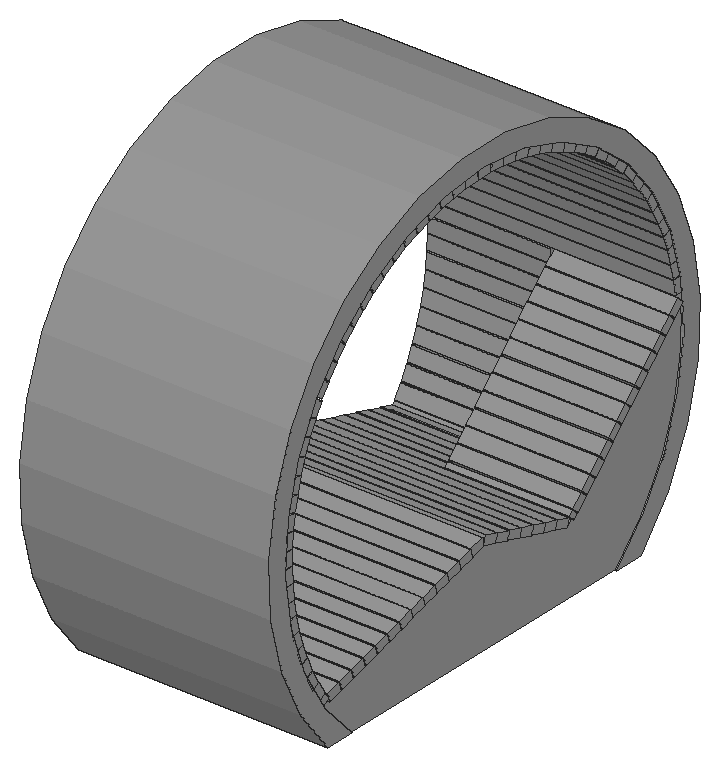
Revit family "Беседка «Калифорния» Арт 28364", category Антураж, Revit 2018
Family settings
  На основе рабочей плоскости = Нет
  Всегда вертикально = Да
  При загрузке вырезать с полостями = Нет
  Источник визуального образа = Геометрия семейства
  Общий = Нет
  Точка расчета площади = Нет
Parameters (values of type "Стандарт")
  Ширина = 1200 mm  # constant formula
  Цвет отделки = Дерево
  Цвет каркаса = Сталь
  Описание = "Беседка «Калифорния»"  # constant formula
  Материал изделия = "Сталь, дерево"  # constant formula
  Изображение типоразмера = Беседка «Калифорния» Арт 28364.jpg
  Изготовитель = "ООО «Хоббика»"  # constant formula
  Длина = 2600 mm  # constant formula
  Группа модели = "Навесы и беседки"  # constant formula
  Высота = 2194 mm  # constant formula
  Артикул товара = "Арт. 28364"  # constant formula
  URL = "https://hobbyka.ru/product/besedka_s_tortsevoy_podsvetkoy_kaliforniya/"
Reference planes
  plane 1 "По центру (Вперед/Назад)": y = 0
  plane 2: z = 0
  plane 3 "По центру (Влево/Вправо)": x = 0
  plane 4: x = 1200
  plane 5: y = 2600
  plane 6: z = 2194
Forms (mm)
  Extrusion 1, solid, material "Сталь" <- "Цвет каркаса"
    sketch origin (0, 0, 0) x (0, 1, 0) y (0, 0, 1)
      loop
        arc (2243.803, 0) -> (1300, 2194) -> (356.197, 0) r 1300
        line (356.197, 0) -> (499.523, 0)
        arc (499.523, 0) -> (1300, 2094) -> (2100.477, 0) r 1200
        line (2100.477, 0) -> (2243.803, 0)
    from 0 to 1200
  Extrusion 2, solid, material "Сталь" <- "Цвет каркаса"
    sketch origin (0, 0, 0) x (0, 1, 0) y (0, 0, 1)
      loop
        arc (2100.477, 0) -> (2188.24, 87.136) -> (2266.568, 182.841) r 1200
        line (2266.568, 182.841) -> (1300, 460) -> (779.334, 310.701) -> (103.568, 986.467)
        arc (103.568, 986.467) -> (186.361, 447) -> (499.523, 0) r 1200
        line (499.523, 0) -> (2100.477, 0)
    from 10 to 20
  Extrusion 3, solid, material "Сталь" <- "Цвет каркаса"
    sketch origin (1200, 2600, 0) x (0, -1, 0) y (0, 0, 1)
      loop
        arc (2100.477, 0) -> (2188.24, 87.136) -> (2266.568, 182.841) r 1200
        line (2266.568, 182.841) -> (1300, 460) -> (779.334, 310.701) -> (103.568, 986.467)
        arc (103.568, 986.467) -> (186.361, 447) -> (499.523, 0) r 1200
        line (499.523, 0) -> (2100.477, 0)
    from 10 to 20
  Extrusion 4, solid, material "Сталь" <- "Цвет каркаса"
    sketch origin (600, 0, 0) x (0, 1, 0) y (0, 0, -1)
      loop
        line (2100.477, 0) -> (499.523, 0)
        arc (499.523, 0) -> (186.361, -447) -> (103.568, -986.467) r 1200
        line (103.568, -986.467) -> (779.334, -310.701) -> (1300, -460) -> (2266.568, -182.841)
        arc (2266.568, -182.841) -> (2188.24, -87.136) -> (2100.477, 0) r 1200
    from 10 to 20
  Extrusion 5, solid, material "Сталь" <- "Цвет каркаса"
    sketch origin (600, 2600, 0) x (0, -1, 0) y (0, 0, -1)
      loop
        line (2100.477, 0) -> (499.523, 0)
        arc (499.523, 0) -> (186.361, -447) -> (103.568, -986.467) r 1200
        line (103.568, -986.467) -> (779.334, -310.701) -> (1300, -460) -> (2266.568, -182.841)
        arc (2266.568, -182.841) -> (2188.24, -87.136) -> (2100.477, 0) r 1200
    from 10 to 20
  Extrusion 6, solid, material "Дерево" <- "Цвет отделки"
    sketch origin (0, -4.431, -4.431) x (0, 1, 0) y (0, 0, 1)
      loop
        line (2447.83, 937.866) -> (2419.546, 966.15) -> (2370.049, 916.652) -> (2398.333, 888.368) -> (2447.83, 937.866)
    from 600 to 1200
  Extrusion 7, solid, material "Дерево" <- "Цвет отделки"
    sketch origin (0, -57.464, -57.464) x (0, 1, 0) y (0, 0, 1)
      loop
        line (2447.83, 937.866) -> (2419.546, 966.15) -> (2370.049, 916.652) -> (2398.333, 888.368) -> (2447.83, 937.866)
    from 600 to 1200
  Extrusion 8, solid, material "Дерево" <- "Цвет отделки"
    sketch origin (0, -110.497, -110.497) x (0, 1, 0) y (0, 0, 1)
      loop
        line (2447.83, 937.866) -> (2419.546, 966.15) -> (2370.049, 916.652) -> (2398.333, 888.368) -> (2447.83, 937.866)
    from 600 to 1200
  Extrusion 9, solid, material "Дерево" <- "Цвет отделки"
    sketch origin (0, -163.53, -163.53) x (0, 1, 0) y (0, 0, 1)
      loop
        line (2447.83, 937.866) -> (2419.546, 966.15) -> (2370.049, 916.652) -> (2398.333, 888.368) -> (2447.83, 937.866)
    from 600 to 1200
  Extrusion 10, solid, material "Дерево" <- "Цвет отделки"
    sketch origin (0, -216.563, -216.563) x (0, 1, 0) y (0, 0, 1)
      loop
        line (2447.83, 937.866) -> (2419.546, 966.15) -> (2370.049, 916.652) -> (2398.333, 888.368) -> (2447.83, 937.866)
    from 600 to 1200
  Extrusion 11, solid, material "Дерево" <- "Цвет отделки"
    sketch origin (0, -269.596, -269.596) x (0, 1, 0) y (0, 0, 1)
      loop
        line (2447.83, 937.866) -> (2419.546, 966.15) -> (2370.049, 916.652) -> (2398.333, 888.368) -> (2447.83, 937.866)
    from 600 to 1200
  Extrusion 12, solid, material "Дерево" <- "Цвет отделки"
    sketch origin (0, -322.629, -322.629) x (0, 1, 0) y (0, 0, 1)
      loop
        line (2447.83, 937.866) -> (2419.546, 966.15) -> (2370.049, 916.652) -> (2398.333, 888.368) -> (2447.83, 937.866)
    from 600 to 1200
  Extrusion 13, solid, material "Дерево" <- "Цвет отделки"
    sketch origin (0, -375.662, -375.662) x (0, 1, 0) y (0, 0, 1)
      loop
        line (2447.83, 937.866) -> (2419.546, 966.15) -> (2370.049, 916.652) -> (2398.333, 888.368) -> (2447.83, 937.866)
    from 600 to 1200
  Extrusion 14, solid, material "Дерево" <- "Цвет отделки"
    sketch origin (0, -428.695, -428.695) x (0, 1, 0) y (0, 0, 1)
      loop
        line (2447.83, 937.866) -> (2419.546, 966.15) -> (2370.049, 916.652) -> (2398.333, 888.368) -> (2447.83, 937.866)
    from 600 to 1200
  Extrusion 15, solid, material "Дерево" <- "Цвет отделки"
    sketch origin (0, -481.728, -481.728) x (0, 1, 0) y (0, 0, 1)
      loop
        line (2447.83, 937.866) -> (2419.546, 966.15) -> (2370.049, 916.652) -> (2398.333, 888.368) -> (2447.83, 937.866)
    from 600 to 1200
  Extrusion 16, solid, material "Дерево" <- "Цвет отделки"
    sketch origin (0, -534.761, -534.761) x (0, 1, 0) y (0, 0, 1)
      loop
        line (2447.83, 937.866) -> (2419.546, 966.15) -> (2370.049, 916.652) -> (2398.333, 888.368) -> (2447.83, 937.866)
    from 600 to 1200
  Extrusion 17, solid, material "Дерево" <- "Цвет отделки"
    sketch origin (0, -899.279, 257.864) x (0, 1, 0) y (0, 0, 1)
      loop
        line (2266.568, 182.841) -> (2277.593, 221.292) -> (2210.305, 240.586) -> (2199.279, 202.136) -> (2266.568, 182.841)
    from 0 to 1200
  Extrusion 18, solid, material "Дерево" <- "Цвет отделки"
    sketch origin (0, -827.185, 237.191) x (0, 1, 0) y (0, 0, 1)
      loop
        line (2266.568, 182.841) -> (2277.593, 221.292) -> (2210.305, 240.586) -> (2199.279, 202.136) -> (2266.568, 182.841)
    from 0 to 1200
  Extrusion 19, solid, material "Дерево" <- "Цвет отделки"
    sketch origin (0, -755.09, 216.519) x (0, 1, 0) y (0, 0, 1)
      loop
        line (2266.568, 182.841) -> (2277.593, 221.292) -> (2210.305, 240.586) -> (2199.279, 202.136) -> (2266.568, 182.841)
    from 0 to 1200
  Extrusion 20, solid, material "Дерево" <- "Цвет отделки"
    sketch origin (0, -682.996, 195.846) x (0, 1, 0) y (0, 0, 1)
      loop
        line (2266.568, 182.841) -> (2277.593, 221.292) -> (2210.305, 240.586) -> (2199.279, 202.136) -> (2266.568, 182.841)
    from 0 to 1200
  Extrusion 21, solid, material "Дерево" <- "Цвет отделки"
    sketch origin (0, -610.901, 175.173) x (0, 1, 0) y (0, 0, 1)
      loop
        line (2266.568, 182.841) -> (2277.593, 221.292) -> (2210.305, 240.586) -> (2199.279, 202.136) -> (2266.568, 182.841)
    from 0 to 1200
  Extrusion 22, solid, material "Дерево" <- "Цвет отделки"
    sketch origin (0, -538.806, 154.5) x (0, 1, 0) y (0, 0, 1)
      loop
        line (2266.568, 182.841) -> (2277.593, 221.292) -> (2210.305, 240.586) -> (2199.279, 202.136) -> (2266.568, 182.841)
    from 0 to 1200
  Extrusion 23, solid, material "Дерево" <- "Цвет отделки"
    sketch origin (0, -466.712, 133.827) x (0, 1, 0) y (0, 0, 1)
      loop
        line (2266.568, 182.841) -> (2277.593, 221.292) -> (2210.305, 240.586) -> (2199.279, 202.136) -> (2266.568, 182.841)
    from 0 to 1200
  Extrusion 24, solid, material "Дерево" <- "Цвет отделки"
    sketch origin (0, -394.617, 113.155) x (0, 1, 0) y (0, 0, 1)
      loop
        line (2266.568, 182.841) -> (2277.593, 221.292) -> (2210.305, 240.586) -> (2199.279, 202.136) -> (2266.568, 182.841)
    from 0 to 600
  Extrusion 25, solid, material "Дерево" <- "Цвет отделки"
    sketch origin (0, -322.522, 92.482) x (0, 1, 0) y (0, 0, 1)
      loop
        line (2266.568, 182.841) -> (2277.593, 221.292) -> (2210.305, 240.586) -> (2199.279, 202.136) -> (2266.568, 182.841)
    from 0 to 600
  Extrusion 26, solid, material "Дерево" <- "Цвет отделки"
    sketch origin (0, -250.428, 71.809) x (0, 1, 0) y (0, 0, 1)
      loop
        line (2266.568, 182.841) -> (2277.593, 221.292) -> (2210.305, 240.586) -> (2199.279, 202.136) -> (2266.568, 182.841)
    from 0 to 600
  Extrusion 27, solid, material "Дерево" <- "Цвет отделки"
    sketch origin (0, -178.333, 51.136) x (0, 1, 0) y (0, 0, 1)
      loop
        line (2266.568, 182.841) -> (2277.593, 221.292) -> (2210.305, 240.586) -> (2199.279, 202.136) -> (2266.568, 182.841)
    from 0 to 600
  Extrusion 28, solid, material "Дерево" <- "Цвет отделки"
    sketch origin (0, -106.238, 30.463) x (0, 1, 0) y (0, 0, 1)
      loop
        line (2266.568, 182.841) -> (2277.593, 221.292) -> (2210.305, 240.586) -> (2199.279, 202.136) -> (2266.568, 182.841)
    from 0 to 600
  Extrusion 29, solid, material "Дерево" <- "Цвет отделки"
    sketch origin (0, -34.144, 9.791) x (0, 1, 0) y (0, 0, 1)
      loop
        line (2266.568, 182.841) -> (2277.593, 221.292) -> (2210.305, 240.586) -> (2199.279, 202.136) -> (2266.568, 182.841)
    from 0 to 600
  Extrusion 30, solid, material "Дерево" <- "Цвет отделки"
    sketch origin (1200, 3499.279, 257.864) x (0, -1, 0) y (0, 0, 1)
      loop
        line (2266.568, 182.841) -> (2277.593, 221.292) -> (2210.305, 240.586) -> (2199.279, 202.136) -> (2266.568, 182.841)
    from 0 to 1200
  Extrusion 31, solid, material "Дерево" <- "Цвет отделки"
    sketch origin (1200, 3427.185, 237.191) x (0, -1, 0) y (0, 0, 1)
      loop
        line (2266.568, 182.841) -> (2277.593, 221.292) -> (2210.305, 240.586) -> (2199.279, 202.136) -> (2266.568, 182.841)
    from 0 to 1200
  Extrusion 32, solid, material "Дерево" <- "Цвет отделки"
    sketch origin (1200, 3355.09, 216.519) x (0, -1, 0) y (0, 0, 1)
      loop
        line (2266.568, 182.841) -> (2277.593, 221.292) -> (2210.305, 240.586) -> (2199.279, 202.136) -> (2266.568, 182.841)
    from 0 to 1200
  Extrusion 33, solid, material "Дерево" <- "Цвет отделки"
    sketch origin (1200, 3282.996, 195.846) x (0, -1, 0) y (0, 0, 1)
      loop
        line (2266.568, 182.841) -> (2277.593, 221.292) -> (2210.305, 240.586) -> (2199.279, 202.136) -> (2266.568, 182.841)
    from 0 to 1200
  Extrusion 34, solid, material "Дерево" <- "Цвет отделки"
    sketch origin (1200, 3210.901, 175.173) x (0, -1, 0) y (0, 0, 1)
      loop
        line (2266.568, 182.841) -> (2277.593, 221.292) -> (2210.305, 240.586) -> (2199.279, 202.136) -> (2266.568, 182.841)
    from 0 to 1200
  Extrusion 35, solid, material "Дерево" <- "Цвет отделки"
    sketch origin (1200, 3138.806, 154.5) x (0, -1, 0) y (0, 0, 1)
      loop
        line (2266.568, 182.841) -> (2277.593, 221.292) -> (2210.305, 240.586) -> (2199.279, 202.136) -> (2266.568, 182.841)
    from 0 to 1200
  Extrusion 36, solid, material "Дерево" <- "Цвет отделки"
    sketch origin (1200, 3066.712, 133.827) x (0, -1, 0) y (0, 0, 1)
      loop
        line (2266.568, 182.841) -> (2277.593, 221.292) -> (2210.305, 240.586) -> (2199.279, 202.136) -> (2266.568, 182.841)
    from 0 to 1200
  Extrusion 37, solid, material "Дерево" <- "Цвет отделки"
    sketch origin (1200, 2994.617, 113.155) x (0, -1, 0) y (0, 0, 1)
      loop
        line (2266.568, 182.841) -> (2277.593, 221.292) -> (2210.305, 240.586) -> (2199.279, 202.136) -> (2266.568, 182.841)
    from 0 to 600
  Extrusion 38, solid, material "Дерево" <- "Цвет отделки"
    sketch origin (1200, 2922.522, 92.482) x (0, -1, 0) y (0, 0, 1)
      loop
        line (2266.568, 182.841) -> (2277.593, 221.292) -> (2210.305, 240.586) -> (2199.279, 202.136) -> (2266.568, 182.841)
    from 0 to 600
  Extrusion 39, solid, material "Дерево" <- "Цвет отделки"
    sketch origin (1200, 2850.428, 71.809) x (0, -1, 0) y (0, 0, 1)
      loop
        line (2266.568, 182.841) -> (2277.593, 221.292) -> (2210.305, 240.586) -> (2199.279, 202.136) -> (2266.568, 182.841)
    from 0 to 600
  Extrusion 40, solid, material "Дерево" <- "Цвет отделки"
    sketch origin (1200, 2778.333, 51.136) x (0, -1, 0) y (0, 0, 1)
      loop
        line (2266.568, 182.841) -> (2277.593, 221.292) -> (2210.305, 240.586) -> (2199.279, 202.136) -> (2266.568, 182.841)
    from 0 to 600
  Extrusion 41, solid, material "Дерево" <- "Цвет отделки"
    sketch origin (1200, 2706.238, 30.463) x (0, -1, 0) y (0, 0, 1)
      loop
        line (2266.568, 182.841) -> (2277.593, 221.292) -> (2210.305, 240.586) -> (2199.279, 202.136) -> (2266.568, 182.841)
    from 0 to 600
  Extrusion 42, solid, material "Дерево" <- "Цвет отделки"
    sketch origin (1200, 2634.144, 9.791) x (0, -1, 0) y (0, 0, 1)
      loop
        line (2266.568, 182.841) -> (2277.593, 221.292) -> (2210.305, 240.586) -> (2199.279, 202.136) -> (2266.568, 182.841)
    from 0 to 600
  Extrusion 43, solid, material "Дерево" <- "Цвет отделки"
    sketch origin (0, 48.602, 48.602) x (0, 1, 0) y (0, 0, 1)
      loop
        line (2447.83, 937.866) -> (2419.546, 966.15) -> (2370.049, 916.652) -> (2398.333, 888.368) -> (2447.83, 937.866)
    from 600 to 1200
  Extrusion 44, solid, material "Дерево" <- "Цвет отделки"
    sketch origin (0, 0, 0) x (0, 1, 0) y (0, 0, 1)
      loop
        arc (1265, 2053.472) -> (1300, 2054) -> (1335, 2053.472) r 1160
        line (1335, 2053.472) -> (1335, 2093.489)
        arc (1335, 2093.489) -> (1300, 2094) -> (1265, 2093.489) r 1200
        line (1265, 2093.489) -> (1265, 2053.472)
    from 0 to 1200
  Extrusion 45, solid, material "Дерево" <- "Цвет отделки"
    sketch origin (0, -55.079, 85.919) x (0, 0.997908, -0.064652) y (0, 0.064652, 0.997908)
      loop
        arc (1265, 2053.472) -> (1300, 2054) -> (1335, 2053.472) r 1160
        line (1335, 2053.472) -> (1335, 2093.489)
        arc (1335, 2093.489) -> (1300, 2094) -> (1265, 2093.489) r 1200
        line (1265, 2093.489) -> (1265, 2053.472)
    from 0 to 1200
  Extrusion 46, solid, material "Дерево" <- "Цвет отделки"
    sketch origin (0, -104.489, 175.218) x (0, 0.99164, -0.129034) y (0, 0.129034, 0.99164)
      loop
        arc (1265, 2053.472) -> (1300, 2054) -> (1335, 2053.472) r 1160
        line (1335, 2053.472) -> (1335, 2093.489)
        arc (1335, 2093.489) -> (1300, 2094) -> (1265, 2093.489) r 1200
        line (1265, 2093.489) -> (1265, 2053.472)
    from 0 to 1200
  Extrusion 47, solid, material "Дерево" <- "Цвет отделки"
    sketch origin (0, -148.021, 267.526) x (0, 0.981223, -0.192876) y (0, 0.192876, 0.981223)
      loop
        arc (1265, 2053.472) -> (1300, 2054) -> (1335, 2053.472) r 1160
        line (1335, 2053.472) -> (1335, 2093.489)
        arc (1335, 2093.489) -> (1300, 2094) -> (1265, 2093.489) r 1200
        line (1265, 2093.489) -> (1265, 2053.472)
    from 0 to 1200
  Extrusion 48, solid, material "Дерево" <- "Цвет отделки"
    sketch origin (0, -185.495, 362.455) x (0, 0.9667, -0.255911) y (0, 0.255911, 0.9667)
      loop
        arc (1265, 2053.472) -> (1300, 2054) -> (1335, 2053.472) r 1160
        line (1335, 2053.472) -> (1335, 2093.489)
        arc (1335, 2093.489) -> (1300, 2094) -> (1265, 2093.489) r 1200
        line (1265, 2093.489) -> (1265, 2053.472)
    from 0 to 1200
  Extrusion 49, solid, material "Дерево" <- "Цвет отделки"
    sketch origin (0, -216.753, 459.608) x (0, 0.948132, -0.317875) y (0, 0.317875, 0.948132)
      loop
        arc (1265, 2053.472) -> (1300, 2054) -> (1335, 2053.472) r 1160
        line (1335, 2053.472) -> (1335, 2093.489)
        arc (1335, 2093.489) -> (1300, 2094) -> (1265, 2093.489) r 1200
        line (1265, 2093.489) -> (1265, 2053.472)
    from 0 to 1200
  Extrusion 50, solid, material "Дерево" <- "Цвет отделки"
    sketch origin (0, -241.664, 558.578) x (0, 0.925597, -0.378509) y (0, 0.378509, 0.925597)
      loop
        arc (1265, 2053.472) -> (1300, 2054) -> (1335, 2053.472) r 1160
        line (1335, 2053.472) -> (1335, 2093.489)
        arc (1335, 2093.489) -> (1300, 2094) -> (1265, 2093.489) r 1200
        line (1265, 2093.489) -> (1265, 2053.472)
    from 0 to 1200
  Extrusion 51, solid, material "Дерево" <- "Цвет отделки"
    sketch origin (0, -260.125, 658.952) x (0, 0.899189, -0.43756) y (0, 0.43756, 0.899189)
      loop
        arc (1265, 2053.472) -> (1300, 2054) -> (1335, 2053.472) r 1160
        line (1335, 2053.472) -> (1335, 2093.489)
        arc (1335, 2093.489) -> (1300, 2094) -> (1265, 2093.489) r 1200
        line (1265, 2093.489) -> (1265, 2053.472)
    from 0 to 1200
  Extrusion 52, solid, material "Дерево" <- "Цвет отделки"
    sketch origin (0, -272.057, 760.31) x (0, 0.869019, -0.494779) y (0, 0.494779, 0.869019)
      loop
        arc (1265, 2053.472) -> (1300, 2054) -> (1335, 2053.472) r 1160
        line (1335, 2053.472) -> (1335, 2093.489)
        arc (1335, 2093.489) -> (1300, 2094) -> (1265, 2093.489) r 1200
        line (1265, 2093.489) -> (1265, 2053.472)
    from 0 to 1200
  Extrusion 53, solid, material "Дерево" <- "Цвет отделки"
    sketch origin (0, -277.411, 862.227) x (0, 0.835212, -0.549928) y (0, 0.549928, 0.835212)
      loop
        arc (1265, 2053.472) -> (1300, 2054) -> (1335, 2053.472) r 1160
        line (1335, 2053.472) -> (1335, 2093.489)
        arc (1335, 2093.489) -> (1300, 2094) -> (1265, 2093.489) r 1200
        line (1265, 2093.489) -> (1265, 2053.472)
    from 0 to 1200
  Extrusion 54, solid, material "Дерево" <- "Цвет отделки"
    sketch origin (0, -276.165, 964.277) x (0, 0.79791, -0.602776) y (0, 0.602776, 0.79791)
      loop
        arc (1265, 2053.472) -> (1300, 2054) -> (1335, 2053.472) r 1160
        line (1335, 2053.472) -> (1335, 2093.489)
        arc (1335, 2093.489) -> (1300, 2094) -> (1265, 2093.489) r 1200
        line (1265, 2093.489) -> (1265, 2053.472)
    from 0 to 1200
  Extrusion 55, solid, material "Дерево" <- "Цвет отделки"
    sketch origin (0, -268.324, 1066.033) x (0, 0.75727, -0.653102) y (0, 0.653102, 0.75727)
      loop
        arc (1265, 2053.472) -> (1300, 2054) -> (1335, 2053.472) r 1160
        line (1335, 2053.472) -> (1335, 2093.489)
        arc (1335, 2093.489) -> (1300, 2094) -> (1265, 2093.489) r 1200
        line (1265, 2093.489) -> (1265, 2053.472)
    from 0 to 1200
  Extrusion 56, solid, material "Дерево" <- "Цвет отделки"
    sketch origin (0, -253.921, 1167.069) x (0, 0.713461, -0.700695) y (0, 0.700695, 0.713461)
      loop
        arc (1265, 2053.472) -> (1300, 2054) -> (1335, 2053.472) r 1160
        line (1335, 2053.472) -> (1335, 2093.489)
        arc (1335, 2093.489) -> (1300, 2094) -> (1265, 2093.489) r 1200
        line (1265, 2093.489) -> (1265, 2053.472)
    from 0 to 1200
  Extrusion 57, solid, material "Дерево" <- "Цвет отделки"
    sketch origin (0, -233.015, 1266.962) x (0, 0.666667, -0.745356) y (0, 0.745356, 0.666667)
      loop
        arc (1265, 2053.472) -> (1300, 2054) -> (1335, 2053.472) r 1160
        line (1335, 2053.472) -> (1335, 2093.489)
        arc (1335, 2093.489) -> (1300, 2094) -> (1265, 2093.489) r 1200
        line (1265, 2093.489) -> (1265, 2053.472)
    from 0 to 1200
  Extrusion 58, solid, material "Дерево" <- "Цвет отделки"
    sketch origin (0, -205.695, 1365.295) x (0, 0.617083, -0.786898) y (0, 0.786898, 0.617083)
      loop
        arc (1265, 2053.472) -> (1300, 2054) -> (1335, 2053.472) r 1160
        line (1335, 2053.472) -> (1335, 2093.489)
        arc (1335, 2093.489) -> (1300, 2094) -> (1265, 2093.489) r 1200
        line (1265, 2093.489) -> (1265, 2053.472)
    from 0 to 1200
  Extrusion 59, solid, material "Дерево" <- "Цвет отделки"
    sketch origin (0, -172.074, 1461.656) x (0, 0.564917, -0.825148) y (0, 0.825148, 0.564917)
      loop
        arc (1265, 2053.472) -> (1300, 2054) -> (1335, 2053.472) r 1160
        line (1335, 2053.472) -> (1335, 2093.489)
        arc (1335, 2093.489) -> (1300, 2094) -> (1265, 2093.489) r 1200
        line (1265, 2093.489) -> (1265, 2053.472)
    from 0 to 1200
  Extrusion 60, solid, material "Дерево" <- "Цвет отделки"
    sketch origin (0, -132.294, 1555.642) x (0, 0.510387, -0.859945) y (0, 0.859945, 0.510387)
      loop
        arc (1265, 2053.472) -> (1300, 2054) -> (1335, 2053.472) r 1160
        line (1335, 2053.472) -> (1335, 2093.489)
        arc (1335, 2093.489) -> (1300, 2094) -> (1265, 2093.489) r 1200
        line (1265, 2093.489) -> (1265, 2053.472)
    from 0 to 1200
  Extrusion 61, solid, material "Дерево" <- "Цвет отделки"
    sketch origin (0, -86.521, 1646.859) x (0, 0.453722, -0.891143) y (0, 0.891143, 0.453722)
      loop
        arc (1265, 2053.472) -> (1300, 2054) -> (1335, 2053.472) r 1160
        line (1335, 2053.472) -> (1335, 2093.489)
        arc (1335, 2093.489) -> (1300, 2094) -> (1265, 2093.489) r 1200
        line (1265, 2093.489) -> (1265, 2053.472)
    from 0 to 1200
  Extrusion 62, solid, material "Дерево" <- "Цвет отделки"
    sketch origin (0, -34.946, 1734.926) x (0, 0.395158, -0.918613) y (0, 0.918613, 0.395158)
      loop
        arc (1265, 2053.472) -> (1300, 2054) -> (1335, 2053.472) r 1160
        line (1335, 2053.472) -> (1335, 2093.489)
        arc (1335, 2093.489) -> (1300, 2094) -> (1265, 2093.489) r 1200
        line (1265, 2093.489) -> (1265, 2053.472)
    from 0 to 1200
  Extrusion 63, solid, material "Дерево" <- "Цвет отделки"
    sketch origin (0, 22.215, 1819.474) x (0, 0.334941, -0.942239) y (0, 0.942239, 0.334941)
      loop
        arc (1265, 2053.472) -> (1300, 2054) -> (1335, 2053.472) r 1160
        line (1335, 2053.472) -> (1335, 2093.489)
        arc (1335, 2093.489) -> (1300, 2094) -> (1265, 2093.489) r 1200
        line (1265, 2093.489) -> (1265, 2053.472)
    from 0 to 1200
  Extrusion 64, solid, material "Дерево" <- "Цвет отделки"
    sketch origin (0, 84.723, 1900.15) x (0, 0.273322, -0.961923) y (0, 0.961923, 0.273322)
      loop
        arc (1265, 2053.472) -> (1300, 2054) -> (1335, 2053.472) r 1160
        line (1335, 2053.472) -> (1335, 2093.489)
        arc (1335, 2093.489) -> (1300, 2094) -> (1265, 2093.489) r 1200
        line (1265, 2093.489) -> (1265, 2053.472)
    from 0 to 1200
  Extrusion 65, solid, material "Дерево" <- "Цвет отделки"
    sketch origin (0, 152.315, 1976.615) x (0, 0.21056, -0.977581) y (0, 0.977581, 0.21056)
      loop
        arc (1265, 2053.472) -> (1300, 2054) -> (1335, 2053.472) r 1160
        line (1335, 2053.472) -> (1335, 2093.489)
        arc (1335, 2093.489) -> (1300, 2094) -> (1265, 2093.489) r 1200
        line (1265, 2093.489) -> (1265, 2053.472)
    from 0 to 1200
  Extrusion 66, solid, material "Дерево" <- "Цвет отделки"
    sketch origin (0, 224.71, 2048.551) x (0, 0.146916, -0.989149) y (0, 0.989149, 0.146916)
      loop
        arc (1265, 2053.472) -> (1300, 2054) -> (1335, 2053.472) r 1160
        line (1335, 2053.472) -> (1335, 2093.489)
        arc (1335, 2093.489) -> (1300, 2094) -> (1265, 2093.489) r 1200
        line (1265, 2093.489) -> (1265, 2053.472)
    from 0 to 1200
  Extrusion 67, solid, material "Дерево" <- "Цвет отделки"
    sketch origin (0, 301.604, 2115.655) x (0, 0.082658, -0.996578) y (0, 0.996578, 0.082658)
      loop
        arc (1265, 2053.472) -> (1300, 2054) -> (1335, 2053.472) r 1160
        line (1335, 2053.472) -> (1335, 2093.489)
        arc (1335, 2093.489) -> (1300, 2094) -> (1265, 2093.489) r 1200
        line (1265, 2093.489) -> (1265, 2053.472)
    from 0 to 600
  Extrusion 68, solid, material "Дерево" <- "Цвет отделки"
    sketch origin (0, 382.676, 2177.648) x (0, 0.018054, -0.999837) y (0, 0.999837, 0.018054)
      loop
        arc (1265, 2053.472) -> (1300, 2054) -> (1335, 2053.472) r 1160
        line (1335, 2053.472) -> (1335, 2093.489)
        arc (1335, 2093.489) -> (1300, 2094) -> (1265, 2093.489) r 1200
        line (1265, 2093.489) -> (1265, 2053.472)
    from 0 to 600
  Extrusion 69, solid, material "Дерево" <- "Цвет отделки"
    sketch origin (0, 467.586, 2234.27) x (0, -0.046626, -0.998912) y (0, 0.998912, -0.046626)
      loop
        arc (1265, 2053.472) -> (1300, 2054) -> (1335, 2053.472) r 1160
        line (1335, 2053.472) -> (1335, 2093.489)
        arc (1335, 2093.489) -> (1300, 2094) -> (1265, 2093.489) r 1200
        line (1265, 2093.489) -> (1265, 2053.472)
    from 0 to 600
  Extrusion 70, solid, material "Дерево" <- "Цвет отделки"
    sketch origin (0, 555.98, 2285.283) x (0, -0.111111, -0.993808) y (0, 0.993808, -0.111111)
      loop
        arc (1265, 2053.472) -> (1300, 2054) -> (1335, 2053.472) r 1160
        line (1335, 2053.472) -> (1335, 2093.489)
        arc (1335, 2093.489) -> (1300, 2094) -> (1265, 2093.489) r 1200
        line (1265, 2093.489) -> (1265, 2053.472)
    from 0 to 600
  Extrusion 71, solid, material "Дерево" <- "Цвет отделки"
    sketch origin (0, 647.486, 2330.475) x (0, -0.17513, -0.984545) y (0, 0.984545, -0.17513)
      loop
        arc (1265, 2053.472) -> (1300, 2054) -> (1335, 2053.472) r 1160
        line (1335, 2053.472) -> (1335, 2093.489)
        arc (1335, 2093.489) -> (1300, 2094) -> (1265, 2093.489) r 1200
        line (1265, 2093.489) -> (1265, 2053.472)
    from 0 to 600
  Extrusion 72, solid, material "Дерево" <- "Цвет отделки"
    sketch origin (0, 741.723, 2369.657) x (0, -0.238417, -0.971163) y (0, 0.971163, -0.238417)
      loop
        arc (1265, 2053.472) -> (1300, 2054) -> (1335, 2053.472) r 1160
        line (1335, 2053.472) -> (1335, 2093.489)
        arc (1335, 2093.489) -> (1300, 2094) -> (1265, 2093.489) r 1200
        line (1265, 2093.489) -> (1265, 2053.472)
    from 0 to 600
  Extrusion 73, solid, material "Дерево" <- "Цвет отделки"
    sketch origin (0, 838.296, 2402.663) x (0, -0.300706, -0.953717) y (0, 0.953717, -0.300706)
      loop
        arc (1265, 2053.472) -> (1300, 2054) -> (1335, 2053.472) r 1160
        line (1335, 2053.472) -> (1335, 2093.489)
        arc (1335, 2093.489) -> (1300, 2094) -> (1265, 2093.489) r 1200
        line (1265, 2093.489) -> (1265, 2053.472)
    from 0 to 600
  Extrusion 74, solid, material "Дерево" <- "Цвет отделки"
    sketch origin (0, 936.8, 2429.357) x (0, -0.361737, -0.93228) y (0, 0.93228, -0.361737)
      loop
        arc (1265, 2053.472) -> (1300, 2054) -> (1335, 2053.472) r 1160
        line (1335, 2053.472) -> (1335, 2093.489)
        arc (1335, 2093.489) -> (1300, 2094) -> (1265, 2093.489) r 1200
        line (1265, 2093.489) -> (1265, 2053.472)
    from 0 to 600
  Extrusion 75, solid, material "Дерево" <- "Цвет отделки"
    sketch origin (0, 1036.825, 2449.627) x (0, -0.421255, -0.906942) y (0, 0.906942, -0.421255)
      loop
        arc (1265, 2053.472) -> (1300, 2054) -> (1335, 2053.472) r 1160
        line (1335, 2053.472) -> (1335, 2093.489)
        arc (1335, 2093.489) -> (1300, 2094) -> (1265, 2093.489) r 1200
        line (1265, 2093.489) -> (1265, 2053.472)
    from 0 to 600
  Extrusion 76, solid, material "Дерево" <- "Цвет отделки"
    sketch origin (0, 1137.951, 2463.387) x (0, -0.47901, -0.87781) y (0, 0.87781, -0.47901)
      loop
        arc (1265, 2053.472) -> (1300, 2054) -> (1335, 2053.472) r 1160
        line (1335, 2053.472) -> (1335, 2093.489)
        arc (1335, 2093.489) -> (1300, 2094) -> (1265, 2093.489) r 1200
        line (1265, 2093.489) -> (1265, 2053.472)
    from 0 to 600
  Extrusion 77, solid, material "Дерево" <- "Цвет отделки"
    sketch origin (0, 1239.754, 2470.581) x (0, -0.53476, -0.845004) y (0, 0.845004, -0.53476)
      loop
        arc (1265, 2053.472) -> (1300, 2054) -> (1335, 2053.472) r 1160
        line (1335, 2053.472) -> (1335, 2093.489)
        arc (1335, 2093.489) -> (1300, 2094) -> (1265, 2093.489) r 1200
        line (1265, 2093.489) -> (1265, 2053.472)
    from 0 to 600
  Extrusion 78, solid, material "Дерево" <- "Цвет отделки"
    sketch origin (0, 1341.81, 2471.177) x (0, -0.588273, -0.808663) y (0, 0.808663, -0.588273)
      loop
        arc (1265, 2053.472) -> (1282.498, 2053.868) -> (1300, 2054) r 1160
        line (1300, 2054) -> (1300, 2094)
        arc (1300, 2094) -> (1282.498, 2093.872) -> (1265, 2093.489) r 1200
        line (1265, 2093.489) -> (1265, 2053.472)
    from 0 to 600
  Extrusion 79, solid, material "Дерево" <- "Цвет отделки"
    sketch origin (0, -587.794, -587.794) x (0, 1, 0) y (0, 0, 1)
      loop
        line (2447.83, 937.866) -> (2419.546, 966.15) -> (2400.372, 946.976) -> (2428.657, 918.692) -> (2447.83, 937.866)
    from 600 to 1200
  Extrusion 80, solid, material "Сталь" <- "Цвет каркаса"
    sketch origin (0, 0, 0) x (0, 1, 0) y (0, 0, 1)
      loop
        arc (2100.477, 0) -> (2188.24, 87.136) -> (2266.568, 182.841) r 1200
        line (2266.568, 182.841) -> (1300, 460) -> (779.334, 310.701) -> (103.568, 986.467)
        arc (103.568, 986.467) -> (186.361, 447) -> (499.523, 0) r 1200
        line (499.523, 0) -> (2100.477, 0)
    from 10 to 20
  Extrusion 81, solid, material "Сталь" <- "Цвет каркаса"
    sketch origin (600, 0, 0) x (0, 1, 0) y (0, 0, -1)
      loop
        line (2100.477, 0) -> (499.523, 0)
        arc (499.523, 0) -> (186.361, -447) -> (103.568, -986.467) r 1200
        line (103.568, -986.467) -> (779.334, -310.701) -> (1300, -460) -> (2266.568, -182.841)
        arc (2266.568, -182.841) -> (2188.24, -87.136) -> (2100.477, 0) r 1200
    from 10 to 20
  Extrusion 82, solid, material "Дерево" <- "Цвет отделки"
    sketch origin (1200, 2604.431, -4.431) x (0, -1, 0) y (0, 0, 1)
      loop
        line (2447.83, 937.866) -> (2419.546, 966.15) -> (2370.049, 916.652) -> (2398.333, 888.368) -> (2447.83, 937.866)
    from 600 to 1200
  Extrusion 83, solid, material "Дерево" <- "Цвет отделки"
    sketch origin (1200, 2657.464, -57.464) x (0, -1, 0) y (0, 0, 1)
      loop
        line (2447.83, 937.866) -> (2419.546, 966.15) -> (2370.049, 916.652) -> (2398.333, 888.368) -> (2447.83, 937.866)
    from 600 to 1200
  Extrusion 84, solid, material "Дерево" <- "Цвет отделки"
    sketch origin (1200, 2710.497, -110.497) x (0, -1, 0) y (0, 0, 1)
      loop
        line (2447.83, 937.866) -> (2419.546, 966.15) -> (2370.049, 916.652) -> (2398.333, 888.368) -> (2447.83, 937.866)
    from 600 to 1200
  Extrusion 85, solid, material "Дерево" <- "Цвет отделки"
    sketch origin (1200, 2763.53, -163.53) x (0, -1, 0) y (0, 0, 1)
      loop
        line (2447.83, 937.866) -> (2419.546, 966.15) -> (2370.049, 916.652) -> (2398.333, 888.368) -> (2447.83, 937.866)
    from 600 to 1200
  Extrusion 86, solid, material "Дерево" <- "Цвет отделки"
    sketch origin (1200, 2816.563, -216.563) x (0, -1, 0) y (0, 0, 1)
      loop
        line (2447.83, 937.866) -> (2419.546, 966.15) -> (2370.049, 916.652) -> (2398.333, 888.368) -> (2447.83, 937.866)
    from 600 to 1200
  Extrusion 87, solid, material "Дерево" <- "Цвет отделки"
    sketch origin (1200, 2869.596, -269.596) x (0, -1, 0) y (0, 0, 1)
      loop
        line (2447.83, 937.866) -> (2419.546, 966.15) -> (2370.049, 916.652) -> (2398.333, 888.368) -> (2447.83, 937.866)
    from 600 to 1200
  Extrusion 88, solid, material "Дерево" <- "Цвет отделки"
    sketch origin (1200, 2922.629, -322.629) x (0, -1, 0) y (0, 0, 1)
      loop
        line (2447.83, 937.866) -> (2419.546, 966.15) -> (2370.049, 916.652) -> (2398.333, 888.368) -> (2447.83, 937.866)
    from 600 to 1200
  Extrusion 89, solid, material "Дерево" <- "Цвет отделки"
    sketch origin (1200, 2975.662, -375.662) x (0, -1, 0) y (0, 0, 1)
      loop
        line (2447.83, 937.866) -> (2419.546, 966.15) -> (2370.049, 916.652) -> (2398.333, 888.368) -> (2447.83, 937.866)
    from 600 to 1200
  Extrusion 90, solid, material "Дерево" <- "Цвет отделки"
    sketch origin (1200, 3028.695, -428.695) x (0, -1, 0) y (0, 0, 1)
      loop
        line (2447.83, 937.866) -> (2419.546, 966.15) -> (2370.049, 916.652) -> (2398.333, 888.368) -> (2447.83, 937.866)
    from 600 to 1200
  Extrusion 91, solid, material "Дерево" <- "Цвет отделки"
    sketch origin (1200, 3081.728, -481.728) x (0, -1, 0) y (0, 0, 1)
      loop
        line (2447.83, 937.866) -> (2419.546, 966.15) -> (2370.049, 916.652) -> (2398.333, 888.368) -> (2447.83, 937.866)
    from 600 to 1200
  Extrusion 92, solid, material "Дерево" <- "Цвет отделки"
    sketch origin (1200, 3134.761, -534.761) x (0, -1, 0) y (0, 0, 1)
      loop
        line (2447.83, 937.866) -> (2419.546, 966.15) -> (2370.049, 916.652) -> (2398.333, 888.368) -> (2447.83, 937.866)
    from 600 to 1200
  Extrusion 93, solid, material "Дерево" <- "Цвет отделки"
    sketch origin (1200, 2551.398, 48.602) x (0, -1, 0) y (0, 0, 1)
      loop
        line (2447.83, 937.866) -> (2419.546, 966.15) -> (2370.049, 916.652) -> (2398.333, 888.368) -> (2447.83, 937.866)
    from 600 to 1200
  Extrusion 94, solid, material "Дерево" <- "Цвет отделки"
    sketch origin (1200, 2600, 0) x (0, -1, 0) y (0, 0, 1)
      loop
        arc (1265, 2053.472) -> (1300, 2054) -> (1335, 2053.472) r 1160
        line (1335, 2053.472) -> (1335, 2093.489)
        arc (1335, 2093.489) -> (1300, 2094) -> (1265, 2093.489) r 1200
        line (1265, 2093.489) -> (1265, 2053.472)
    from 0 to 1200
  Extrusion 95, solid, material "Дерево" <- "Цвет отделки"
    sketch origin (1200, 2655.079, 85.919) x (0, -0.997908, -0.064652) y (0, -0.064652, 0.997908)
      loop
        arc (1265, 2053.472) -> (1300, 2054) -> (1335, 2053.472) r 1160
        line (1335, 2053.472) -> (1335, 2093.489)
        arc (1335, 2093.489) -> (1300, 2094) -> (1265, 2093.489) r 1200
        line (1265, 2093.489) -> (1265, 2053.472)
    from 0 to 1200
  Extrusion 96, solid, material "Дерево" <- "Цвет отделки"
    sketch origin (1200, 2704.489, 175.218) x (0, -0.99164, -0.129034) y (0, -0.129034, 0.99164)
      loop
        arc (1265, 2053.472) -> (1300, 2054) -> (1335, 2053.472) r 1160
        line (1335, 2053.472) -> (1335, 2093.489)
        arc (1335, 2093.489) -> (1300, 2094) -> (1265, 2093.489) r 1200
        line (1265, 2093.489) -> (1265, 2053.472)
    from 0 to 1200
  Extrusion 97, solid, material "Дерево" <- "Цвет отделки"
    sketch origin (1200, 2748.021, 267.526) x (0, -0.981223, -0.192876) y (0, -0.192876, 0.981223)
      loop
        arc (1265, 2053.472) -> (1300, 2054) -> (1335, 2053.472) r 1160
        line (1335, 2053.472) -> (1335, 2093.489)
        arc (1335, 2093.489) -> (1300, 2094) -> (1265, 2093.489) r 1200
        line (1265, 2093.489) -> (1265, 2053.472)
    from 0 to 1200
  Extrusion 98, solid, material "Дерево" <- "Цвет отделки"
    sketch origin (1200, 2785.495, 362.455) x (0, -0.9667, -0.255911) y (0, -0.255911, 0.9667)
      loop
        arc (1265, 2053.472) -> (1300, 2054) -> (1335, 2053.472) r 1160
        line (1335, 2053.472) -> (1335, 2093.489)
        arc (1335, 2093.489) -> (1300, 2094) -> (1265, 2093.489) r 1200
        line (1265, 2093.489) -> (1265, 2053.472)
    from 0 to 1200
  Extrusion 99, solid, material "Дерево" <- "Цвет отделки"
    sketch origin (1200, 2816.753, 459.608) x (0, -0.948132, -0.317875) y (0, -0.317875, 0.948132)
      loop
        arc (1265, 2053.472) -> (1300, 2054) -> (1335, 2053.472) r 1160
        line (1335, 2053.472) -> (1335, 2093.489)
        arc (1335, 2093.489) -> (1300, 2094) -> (1265, 2093.489) r 1200
        line (1265, 2093.489) -> (1265, 2053.472)
    from 0 to 1200
  Extrusion 100, solid, material "Дерево" <- "Цвет отделки"
    sketch origin (1200, 2841.664, 558.578) x (0, -0.925597, -0.378509) y (0, -0.378509, 0.925597)
      loop
        arc (1265, 2053.472) -> (1300, 2054) -> (1335, 2053.472) r 1160
        line (1335, 2053.472) -> (1335, 2093.489)
        arc (1335, 2093.489) -> (1300, 2094) -> (1265, 2093.489) r 1200
        line (1265, 2093.489) -> (1265, 2053.472)
    from 0 to 1200
  Extrusion 101, solid, material "Дерево" <- "Цвет отделки"
    sketch origin (1200, 2860.125, 658.952) x (0, -0.899189, -0.43756) y (0, -0.43756, 0.899189)
      loop
        arc (1265, 2053.472) -> (1300, 2054) -> (1335, 2053.472) r 1160
        line (1335, 2053.472) -> (1335, 2093.489)
        arc (1335, 2093.489) -> (1300, 2094) -> (1265, 2093.489) r 1200
        line (1265, 2093.489) -> (1265, 2053.472)
    from 0 to 1200
  Extrusion 102, solid, material "Дерево" <- "Цвет отделки"
    sketch origin (1200, 2872.057, 760.31) x (0, -0.869019, -0.494779) y (0, -0.494779, 0.869019)
      loop
        arc (1265, 2053.472) -> (1300, 2054) -> (1335, 2053.472) r 1160
        line (1335, 2053.472) -> (1335, 2093.489)
        arc (1335, 2093.489) -> (1300, 2094) -> (1265, 2093.489) r 1200
        line (1265, 2093.489) -> (1265, 2053.472)
    from 0 to 1200
  Extrusion 103, solid, material "Дерево" <- "Цвет отделки"
    sketch origin (1200, 2877.411, 862.227) x (0, -0.835212, -0.549928) y (0, -0.549928, 0.835212)
      loop
        arc (1265, 2053.472) -> (1300, 2054) -> (1335, 2053.472) r 1160
        line (1335, 2053.472) -> (1335, 2093.489)
        arc (1335, 2093.489) -> (1300, 2094) -> (1265, 2093.489) r 1200
        line (1265, 2093.489) -> (1265, 2053.472)
    from 0 to 1200
  Extrusion 104, solid, material "Дерево" <- "Цвет отделки"
    sketch origin (1200, 2876.165, 964.277) x (0, -0.79791, -0.602776) y (0, -0.602776, 0.79791)
      loop
        arc (1265, 2053.472) -> (1300, 2054) -> (1335, 2053.472) r 1160
        line (1335, 2053.472) -> (1335, 2093.489)
        arc (1335, 2093.489) -> (1300, 2094) -> (1265, 2093.489) r 1200
        line (1265, 2093.489) -> (1265, 2053.472)
    from 0 to 1200
  Extrusion 105, solid, material "Дерево" <- "Цвет отделки"
    sketch origin (1200, 2868.324, 1066.033) x (0, -0.75727, -0.653102) y (0, -0.653102, 0.75727)
      loop
        arc (1265, 2053.472) -> (1300, 2054) -> (1335, 2053.472) r 1160
        line (1335, 2053.472) -> (1335, 2093.489)
        arc (1335, 2093.489) -> (1300, 2094) -> (1265, 2093.489) r 1200
        line (1265, 2093.489) -> (1265, 2053.472)
    from 0 to 1200
  Extrusion 106, solid, material "Дерево" <- "Цвет отделки"
    sketch origin (1200, 2853.921, 1167.069) x (0, -0.713461, -0.700695) y (0, -0.700695, 0.713461)
      loop
        arc (1265, 2053.472) -> (1300, 2054) -> (1335, 2053.472) r 1160
        line (1335, 2053.472) -> (1335, 2093.489)
        arc (1335, 2093.489) -> (1300, 2094) -> (1265, 2093.489) r 1200
        line (1265, 2093.489) -> (1265, 2053.472)
    from 0 to 1200
  Extrusion 107, solid, material "Дерево" <- "Цвет отделки"
    sketch origin (1200, 2833.015, 1266.962) x (0, -0.666667, -0.745356) y (0, -0.745356, 0.666667)
      loop
        arc (1265, 2053.472) -> (1300, 2054) -> (1335, 2053.472) r 1160
        line (1335, 2053.472) -> (1335, 2093.489)
        arc (1335, 2093.489) -> (1300, 2094) -> (1265, 2093.489) r 1200
        line (1265, 2093.489) -> (1265, 2053.472)
    from 0 to 1200
  Extrusion 108, solid, material "Дерево" <- "Цвет отделки"
    sketch origin (1200, 2805.695, 1365.295) x (0, -0.617083, -0.786898) y (0, -0.786898, 0.617083)
      loop
        arc (1265, 2053.472) -> (1300, 2054) -> (1335, 2053.472) r 1160
        line (1335, 2053.472) -> (1335, 2093.489)
        arc (1335, 2093.489) -> (1300, 2094) -> (1265, 2093.489) r 1200
        line (1265, 2093.489) -> (1265, 2053.472)
    from 0 to 1200
  Extrusion 109, solid, material "Дерево" <- "Цвет отделки"
    sketch origin (1200, 2772.074, 1461.656) x (0, -0.564917, -0.825148) y (0, -0.825148, 0.564917)
      loop
        arc (1265, 2053.472) -> (1300, 2054) -> (1335, 2053.472) r 1160
        line (1335, 2053.472) -> (1335, 2093.489)
        arc (1335, 2093.489) -> (1300, 2094) -> (1265, 2093.489) r 1200
        line (1265, 2093.489) -> (1265, 2053.472)
    from 0 to 1200
  Extrusion 110, solid, material "Дерево" <- "Цвет отделки"
    sketch origin (1200, 2732.294, 1555.642) x (0, -0.510387, -0.859945) y (0, -0.859945, 0.510387)
      loop
        arc (1265, 2053.472) -> (1300, 2054) -> (1335, 2053.472) r 1160
        line (1335, 2053.472) -> (1335, 2093.489)
        arc (1335, 2093.489) -> (1300, 2094) -> (1265, 2093.489) r 1200
        line (1265, 2093.489) -> (1265, 2053.472)
    from 0 to 1200
  Extrusion 111, solid, material "Дерево" <- "Цвет отделки"
    sketch origin (1200, 2686.521, 1646.859) x (0, -0.453722, -0.891143) y (0, -0.891143, 0.453722)
      loop
        arc (1265, 2053.472) -> (1300, 2054) -> (1335, 2053.472) r 1160
        line (1335, 2053.472) -> (1335, 2093.489)
        arc (1335, 2093.489) -> (1300, 2094) -> (1265, 2093.489) r 1200
        line (1265, 2093.489) -> (1265, 2053.472)
    from 0 to 1200
  Extrusion 112, solid, material "Дерево" <- "Цвет отделки"
    sketch origin (1200, 2634.946, 1734.926) x (0, -0.395158, -0.918613) y (0, -0.918613, 0.395158)
      loop
        arc (1265, 2053.472) -> (1300, 2054) -> (1335, 2053.472) r 1160
        line (1335, 2053.472) -> (1335, 2093.489)
        arc (1335, 2093.489) -> (1300, 2094) -> (1265, 2093.489) r 1200
        line (1265, 2093.489) -> (1265, 2053.472)
    from 0 to 1200
  Extrusion 113, solid, material "Дерево" <- "Цвет отделки"
    sketch origin (1200, 2577.785, 1819.474) x (0, -0.334941, -0.942239) y (0, -0.942239, 0.334941)
      loop
        arc (1265, 2053.472) -> (1300, 2054) -> (1335, 2053.472) r 1160
        line (1335, 2053.472) -> (1335, 2093.489)
        arc (1335, 2093.489) -> (1300, 2094) -> (1265, 2093.489) r 1200
        line (1265, 2093.489) -> (1265, 2053.472)
    from 0 to 1200
  Extrusion 114, solid, material "Дерево" <- "Цвет отделки"
    sketch origin (1200, 2515.277, 1900.15) x (0, -0.273322, -0.961923) y (0, -0.961923, 0.273322)
      loop
        arc (1265, 2053.472) -> (1300, 2054) -> (1335, 2053.472) r 1160
        line (1335, 2053.472) -> (1335, 2093.489)
        arc (1335, 2093.489) -> (1300, 2094) -> (1265, 2093.489) r 1200
        line (1265, 2093.489) -> (1265, 2053.472)
    from 0 to 1200
  Extrusion 115, solid, material "Дерево" <- "Цвет отделки"
    sketch origin (1200, 2447.685, 1976.615) x (0, -0.21056, -0.977581) y (0, -0.977581, 0.21056)
      loop
        arc (1265, 2053.472) -> (1300, 2054) -> (1335, 2053.472) r 1160
        line (1335, 2053.472) -> (1335, 2093.489)
        arc (1335, 2093.489) -> (1300, 2094) -> (1265, 2093.489) r 1200
        line (1265, 2093.489) -> (1265, 2053.472)
    from 0 to 1200
  Extrusion 116, solid, material "Дерево" <- "Цвет отделки"
    sketch origin (1200, 2375.29, 2048.551) x (0, -0.146916, -0.989149) y (0, -0.989149, 0.146916)
      loop
        arc (1265, 2053.472) -> (1300, 2054) -> (1335, 2053.472) r 1160
        line (1335, 2053.472) -> (1335, 2093.489)
        arc (1335, 2093.489) -> (1300, 2094) -> (1265, 2093.489) r 1200
        line (1265, 2093.489) -> (1265, 2053.472)
    from 0 to 1200
  Extrusion 117, solid, material "Дерево" <- "Цвет отделки"
    sketch origin (1200, 2298.396, 2115.655) x (0, -0.082658, -0.996578) y (0, -0.996578, 0.082658)
      loop
        arc (1265, 2053.472) -> (1300, 2054) -> (1335, 2053.472) r 1160
        line (1335, 2053.472) -> (1335, 2093.489)
        arc (1335, 2093.489) -> (1300, 2094) -> (1265, 2093.489) r 1200
        line (1265, 2093.489) -> (1265, 2053.472)
    from 0 to 600
  Extrusion 118, solid, material "Дерево" <- "Цвет отделки"
    sketch origin (1200, 2217.324, 2177.648) x (0, -0.018054, -0.999837) y (0, -0.999837, 0.018054)
      loop
        arc (1265, 2053.472) -> (1300, 2054) -> (1335, 2053.472) r 1160
        line (1335, 2053.472) -> (1335, 2093.489)
        arc (1335, 2093.489) -> (1300, 2094) -> (1265, 2093.489) r 1200
        line (1265, 2093.489) -> (1265, 2053.472)
    from 0 to 600
  Extrusion 119, solid, material "Дерево" <- "Цвет отделки"
    sketch origin (1200, 2132.414, 2234.27) x (0, 0.046626, -0.998912) y (0, -0.998912, -0.046626)
      loop
        arc (1265, 2053.472) -> (1300, 2054) -> (1335, 2053.472) r 1160
        line (1335, 2053.472) -> (1335, 2093.489)
        arc (1335, 2093.489) -> (1300, 2094) -> (1265, 2093.489) r 1200
        line (1265, 2093.489) -> (1265, 2053.472)
    from 0 to 600
  Extrusion 120, solid, material "Дерево" <- "Цвет отделки"
    sketch origin (1200, 2044.02, 2285.283) x (0, 0.111111, -0.993808) y (0, -0.993808, -0.111111)
      loop
        arc (1265, 2053.472) -> (1300, 2054) -> (1335, 2053.472) r 1160
        line (1335, 2053.472) -> (1335, 2093.489)
        arc (1335, 2093.489) -> (1300, 2094) -> (1265, 2093.489) r 1200
        line (1265, 2093.489) -> (1265, 2053.472)
    from 0 to 600
  Extrusion 121, solid, material "Дерево" <- "Цвет отделки"
    sketch origin (1200, 1952.514, 2330.475) x (0, 0.17513, -0.984545) y (0, -0.984545, -0.17513)
      loop
        arc (1265, 2053.472) -> (1300, 2054) -> (1335, 2053.472) r 1160
        line (1335, 2053.472) -> (1335, 2093.489)
        arc (1335, 2093.489) -> (1300, 2094) -> (1265, 2093.489) r 1200
        line (1265, 2093.489) -> (1265, 2053.472)
    from 0 to 600
  Extrusion 122, solid, material "Дерево" <- "Цвет отделки"
    sketch origin (1200, 1858.277, 2369.657) x (0, 0.238417, -0.971163) y (0, -0.971163, -0.238417)
      loop
        arc (1265, 2053.472) -> (1300, 2054) -> (1335, 2053.472) r 1160
        line (1335, 2053.472) -> (1335, 2093.489)
        arc (1335, 2093.489) -> (1300, 2094) -> (1265, 2093.489) r 1200
        line (1265, 2093.489) -> (1265, 2053.472)
    from 0 to 600
  Extrusion 123, solid, material "Дерево" <- "Цвет отделки"
    sketch origin (1200, 1761.704, 2402.663) x (0, 0.300706, -0.953717) y (0, -0.953717, -0.300706)
      loop
        arc (1265, 2053.472) -> (1300, 2054) -> (1335, 2053.472) r 1160
        line (1335, 2053.472) -> (1335, 2093.489)
        arc (1335, 2093.489) -> (1300, 2094) -> (1265, 2093.489) r 1200
        line (1265, 2093.489) -> (1265, 2053.472)
    from 0 to 600
  Extrusion 124, solid, material "Дерево" <- "Цвет отделки"
    sketch origin (1200, 1663.2, 2429.357) x (0, 0.361737, -0.93228) y (0, -0.93228, -0.361737)
      loop
        arc (1265, 2053.472) -> (1300, 2054) -> (1335, 2053.472) r 1160
        line (1335, 2053.472) -> (1335, 2093.489)
        arc (1335, 2093.489) -> (1300, 2094) -> (1265, 2093.489) r 1200
        line (1265, 2093.489) -> (1265, 2053.472)
    from 0 to 600
  Extrusion 125, solid, material "Дерево" <- "Цвет отделки"
    sketch origin (1200, 1563.175, 2449.627) x (0, 0.421255, -0.906942) y (0, -0.906942, -0.421255)
      loop
        arc (1265, 2053.472) -> (1300, 2054) -> (1335, 2053.472) r 1160
        line (1335, 2053.472) -> (1335, 2093.489)
        arc (1335, 2093.489) -> (1300, 2094) -> (1265, 2093.489) r 1200
        line (1265, 2093.489) -> (1265, 2053.472)
    from 0 to 600
  Extrusion 126, solid, material "Дерево" <- "Цвет отделки"
    sketch origin (1200, 1462.049, 2463.387) x (0, 0.47901, -0.87781) y (0, -0.87781, -0.47901)
      loop
        arc (1265, 2053.472) -> (1300, 2054) -> (1335, 2053.472) r 1160
        line (1335, 2053.472) -> (1335, 2093.489)
        arc (1335, 2093.489) -> (1300, 2094) -> (1265, 2093.489) r 1200
        line (1265, 2093.489) -> (1265, 2053.472)
    from 0 to 600
  Extrusion 127, solid, material "Дерево" <- "Цвет отделки"
    sketch origin (1200, 1360.246, 2470.581) x (0, 0.53476, -0.845004) y (0, -0.845004, -0.53476)
      loop
        arc (1265, 2053.472) -> (1300, 2054) -> (1335, 2053.472) r 1160
        line (1335, 2053.472) -> (1335, 2093.489)
        arc (1335, 2093.489) -> (1300, 2094) -> (1265, 2093.489) r 1200
        line (1265, 2093.489) -> (1265, 2053.472)
    from 0 to 600
  Extrusion 128, solid, material "Дерево" <- "Цвет отделки"
    sketch origin (1200, 1258.19, 2471.177) x (0, 0.588273, -0.808663) y (0, -0.808663, -0.588273)
      loop
        arc (1265, 2053.472) -> (1282.498, 2053.868) -> (1300, 2054) r 1160
        line (1300, 2054) -> (1300, 2094)
        arc (1300, 2094) -> (1282.498, 2093.872) -> (1265, 2093.489) r 1200
        line (1265, 2093.489) -> (1265, 2053.472)
    from 0 to 600
  Extrusion 129, solid, material "Дерево" <- "Цвет отделки"
    sketch origin (1200, 3187.794, -587.794) x (0, -1, 0) y (0, 0, 1)
      loop
        line (2447.83, 937.866) -> (2419.546, 966.15) -> (2400.372, 946.976) -> (2428.657, 918.692) -> (2447.83, 937.866)
    from 600 to 1200
Dimensions and locks
  "Длина": plane 5 to plane 1 "По центру (Вперед/Назад)"
  "Ширина": plane 3 "По центру (Влево/Вправо)" to plane 4
  "Высота": plane 6 to level
  aligned and locked: level to plane 2
  aligned and locked: plane 4 to Extrusion 1
Automatic sketch dimensions
  Extrusion 1 sketch curve to Extrusion 1 sketch curve = 0 mm  (x2)
  Extrusion 1 sketch curve to level = 0 mm
  level to Extrusion 1 sketch curve = 0 mm
  Extrusion 1 sketch curve to plane 1 "По центру (Вперед/Назад)" = 356.197 mm
  Extrusion 1 sketch curve to Extrusion 1 sketch curve = 143.326 mm
  level to Extrusion 1 sketch curve = 894 mm
  Extrusion 1 sketch curve to Extrusion 1 sketch curve = 800.477 mm
  Extrusion 2 sketch curve to Extrusion 2 sketch curve = 0 mm  (x3)
  Extrusion 2 sketch curve to level = 0 mm
  Extrusion 2 sketch curve to plane 1 "По центру (Вперед/Назад)" = 103.568 mm
  Extrusion 2 sketch curve to plane 1 "По центру (Вперед/Назад)" = 499.523 mm
  level to Extrusion 2 sketch curve = 310.701 mm
  Extrusion 2 sketch curve to Extrusion 2 sketch curve = 279.811 mm
  Extrusion 2 sketch curve to Extrusion 2 sketch curve = 520.666 mm
  level to Extrusion 2 sketch curve = 460 mm
  Extrusion 2 sketch curve to plane 5 = 499.523 mm
  level to Extrusion 2 sketch curve = 182.841 mm
  Extrusion 2 sketch curve to Extrusion 2 sketch curve = 166.09 mm
  Extrusion 3 sketch curve to Extrusion 3 sketch curve = 0 mm  (x3)
  Extrusion 3 sketch curve to level = 0 mm
  Extrusion 3 sketch curve to plane 5 = 103.568 mm
  Extrusion 3 sketch curve to plane 5 = 499.523 mm
  level to Extrusion 3 sketch curve = 310.701 mm
  Extrusion 3 sketch curve to Extrusion 3 sketch curve = 279.811 mm
  Extrusion 3 sketch curve to Extrusion 3 sketch curve = 520.666 mm
  level to Extrusion 3 sketch curve = 460 mm
  Extrusion 3 sketch curve to plane 1 "По центру (Вперед/Назад)" = 499.523 mm
  level to Extrusion 3 sketch curve = 182.841 mm
  Extrusion 3 sketch curve to Extrusion 3 sketch curve = 166.09 mm
  Extrusion 4 sketch curve to Extrusion 4 sketch curve = 0 mm  (x3)
  Extrusion 4 sketch curve to level = 0 mm
  Extrusion 4 sketch curve to plane 1 "По центру (Вперед/Назад)" = 103.568 mm
  Extrusion 4 sketch curve to plane 1 "По центру (Вперед/Назад)" = 499.523 mm
  level to Extrusion 4 sketch curve = 310.701 mm
  Extrusion 4 sketch curve to Extrusion 4 sketch curve = 279.811 mm
  Extrusion 4 sketch curve to Extrusion 4 sketch curve = 520.666 mm
  level to Extrusion 4 sketch curve = 460 mm
  Extrusion 4 sketch curve to plane 5 = 499.523 mm
  level to Extrusion 4 sketch curve = 182.841 mm
  Extrusion 4 sketch curve to Extrusion 4 sketch curve = 166.09 mm
  Extrusion 5 sketch curve to Extrusion 5 sketch curve = 0 mm  (x3)
  level to Extrusion 5 sketch curve = 0 mm
  Extrusion 5 sketch curve to plane 5 = 103.568 mm
  Extrusion 5 sketch curve to plane 5 = 499.523 mm
  level to Extrusion 5 sketch curve = 310.701 mm
  Extrusion 5 sketch curve to Extrusion 5 sketch curve = 279.811 mm
  Extrusion 5 sketch curve to Extrusion 5 sketch curve = 520.666 mm
  level to Extrusion 5 sketch curve = 460 mm
  Extrusion 5 sketch curve to plane 1 "По центру (Вперед/Назад)" = 499.523 mm
  level to Extrusion 5 sketch curve = 182.841 mm
  Extrusion 5 sketch curve to Extrusion 5 sketch curve = 166.09 mm
  Extrusion 6 sketch curve to plane 5 = 234.383 mm
  Extrusion 6 sketch curve to Extrusion 6 sketch curve = 28.284 mm  (x2)
  Extrusion 6 sketch curve to Extrusion 6 sketch curve = 49.497 mm
  level to Extrusion 6 sketch curve = 883.937 mm
  Extrusion 7 sketch curve to plane 5 = 287.416 mm
  Extrusion 7 sketch curve to Extrusion 7 sketch curve = 28.284 mm  (x2)
  Extrusion 7 sketch curve to Extrusion 7 sketch curve = 49.497 mm
  level to Extrusion 7 sketch curve = 830.904 mm
  Extrusion 8 sketch curve to plane 5 = 340.449 mm
  Extrusion 8 sketch curve to Extrusion 8 sketch curve = 28.284 mm  (x2)
  Extrusion 8 sketch curve to Extrusion 8 sketch curve = 49.497 mm
  level to Extrusion 8 sketch curve = 777.871 mm
  Extrusion 9 sketch curve to plane 5 = 393.482 mm
  Extrusion 9 sketch curve to Extrusion 9 sketch curve = 28.284 mm  (x2)
  Extrusion 9 sketch curve to Extrusion 9 sketch curve = 49.497 mm
  level to Extrusion 9 sketch curve = 724.838 mm
  Extrusion 10 sketch curve to plane 5 = 446.515 mm
  Extrusion 10 sketch curve to Extrusion 10 sketch curve = 28.284 mm  (x2)
  Extrusion 10 sketch curve to Extrusion 10 sketch curve = 49.497 mm
  level to Extrusion 10 sketch curve = 671.805 mm
  Extrusion 11 sketch curve to plane 5 = 499.548 mm
  Extrusion 11 sketch curve to Extrusion 11 sketch curve = 28.284 mm  (x2)
  Extrusion 11 sketch curve to Extrusion 11 sketch curve = 49.497 mm
  level to Extrusion 11 sketch curve = 618.772 mm
  Extrusion 12 sketch curve to plane 5 = 552.581 mm
  Extrusion 12 sketch curve to Extrusion 12 sketch curve = 28.284 mm  (x2)
  Extrusion 12 sketch curve to Extrusion 12 sketch curve = 49.497 mm
  level to Extrusion 12 sketch curve = 565.739 mm
  Extrusion 13 sketch curve to plane 5 = 605.614 mm
  Extrusion 13 sketch curve to Extrusion 13 sketch curve = 28.284 mm  (x2)
  Extrusion 13 sketch curve to Extrusion 13 sketch curve = 49.497 mm
  level to Extrusion 13 sketch curve = 512.706 mm
  Extrusion 14 sketch curve to plane 5 = 658.647 mm
  Extrusion 14 sketch curve to Extrusion 14 sketch curve = 28.284 mm  (x2)
  Extrusion 14 sketch curve to Extrusion 14 sketch curve = 49.497 mm
  level to Extrusion 14 sketch curve = 459.673 mm
  Extrusion 15 sketch curve to plane 5 = 711.68 mm
  level to Extrusion 15 sketch curve = 406.64 mm
  Extrusion 15 sketch curve to Extrusion 15 sketch curve = 28.284 mm
  level to Extrusion 15 sketch curve = 484.422 mm
  Extrusion 15 sketch curve to Extrusion 15 sketch curve = 49.497 mm
  Extrusion 16 sketch curve to plane 5 = 764.713 mm
  level to Extrusion 16 sketch curve = 353.607 mm
  Extrusion 16 sketch curve to Extrusion 16 sketch curve = 28.284 mm
  level to Extrusion 16 sketch curve = 431.389 mm
  Extrusion 16 sketch curve to Extrusion 16 sketch curve = 49.497 mm
  level to Extrusion 17 sketch curve = 460 mm
  Extrusion 17 sketch curve to plane 1 "По центру (Вперед/Назад)" = 1300 mm
  level to Extrusion 17 sketch curve = 498.45 mm
  Extrusion 17 sketch curve to Extrusion 17 sketch curve = 11.025 mm
  level to Extrusion 17 sketch curve = 440.705 mm
  level to Extrusion 18 sketch curve = 439.327 mm
  Extrusion 18 sketch curve to plane 5 = 1227.905 mm
  level to Extrusion 18 sketch curve = 477.778 mm
  Extrusion 18 sketch curve to Extrusion 18 sketch curve = 11.025 mm
  level to Extrusion 18 sketch curve = 420.033 mm
  level to Extrusion 19 sketch curve = 418.654 mm
  Extrusion 19 sketch curve to plane 5 = 1155.811 mm
  level to Extrusion 19 sketch curve = 457.105 mm
  Extrusion 19 sketch curve to Extrusion 19 sketch curve = 11.025 mm
  level to Extrusion 19 sketch curve = 399.36 mm
  level to Extrusion 20 sketch curve = 397.982 mm
  Extrusion 20 sketch curve to plane 5 = 1083.716 mm
  level to Extrusion 20 sketch curve = 436.432 mm
  Extrusion 20 sketch curve to Extrusion 20 sketch curve = 11.025 mm
  level to Extrusion 20 sketch curve = 378.687 mm
  level to Extrusion 21 sketch curve = 377.309 mm
  Extrusion 21 sketch curve to plane 5 = 1011.621 mm
  level to Extrusion 21 sketch curve = 415.759 mm
  Extrusion 21 sketch curve to Extrusion 21 sketch curve = 11.025 mm
  level to Extrusion 21 sketch curve = 358.014 mm
  level to Extrusion 22 sketch curve = 356.636 mm
  Extrusion 22 sketch curve to plane 5 = 939.527 mm
  level to Extrusion 22 sketch curve = 395.086 mm
  Extrusion 22 sketch curve to Extrusion 22 sketch curve = 11.025 mm
  level to Extrusion 22 sketch curve = 337.341 mm
  level to Extrusion 23 sketch curve = 335.963 mm
  Extrusion 23 sketch curve to plane 5 = 867.432 mm
